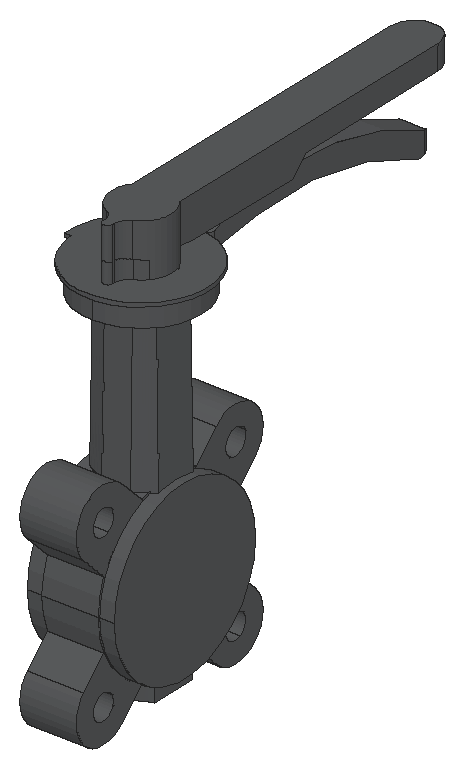
Revit family "VFH2-LH_DN50-150_RFA_1", category Pipe Accessories, Revit 2019
Family settings
  Round Connector Dimension = Use Diameter
  Part Type = Valve - Breaks Into
  OmniClass Number = 23.65.55.14.17
  OmniClass Title = Adjusting/Controlling Valves for Liquid Services
  Work Plane-Based = No
  Always vertical = Yes
  Cut with Voids When Loaded = No
  Shared = No
Parameters (values of type "VFH2-LH_DN50_003Z5400")
  w1 = 30.000 mm
  tb40 = 35.000 mm
  tb30 = 15.300 mm
  tb20 = 34.000 mm
  tb10 = 15.000 mm
  ta30 = 36.000 mm
  ta40 = 26.000 mm
  ta20 = 22.000 mm
  ta10 = 30.000 mm
  t1 = 46.600 mm
  r1 = D1 / 2 - 5.000 mm  # 42.000 mm
  ofy = 5.000 mm
  ofx = 2.000 mm
  n = 4
  hb = 13.000 mm
  h3 = 17.000 mm
  h2 = 12.000 mm
  h1 = 131.000 mm
  W1 = 63.000 mm
  W = 258.000 mm
  L1 = 36.000 mm
  L = 76.000 mm
  H2 = 62.000 mm
  H = 235.000 mm
  D4 = D1_2 * 1.01  # 47.470 mm
  d2 = 14.000 mm
  D3 = 65.000 mm
  d1 = 36.000 mm
  ang1 = 75.00°
  D2_2 = 62.500 mm
  D2_d1 = D2_2 * 2 + d1  # 161.000 mm
  D1_2 = D1 / 2  # 47.000 mm
  D1 = 94.000 mm
  bt1 = 9.000 mm
  b50 = 37.000 mm
  b40 = 34.400 mm
  b20 = 37.000 mm
  b30 = 15.000 mm
  b10 = 16.000 mm
  a50 = 33.500 mm
  a30 = 34.000 mm
  a20 = 23.000 mm
  a40 = 25.000 mm
  a10 = 33.500 mm
  Weight = 3.19 kg
  Valve Body Material = Danfoss Cast Iron
  URL = "https://store.danfoss.com/en/Climate-Solutions-for-heating/Hydronic-Balancing-and-Control/Other-products/Butterfly-Valves/c/12669?q=%3Arelevance%3Adanfoss_producttypehierarchydesc%3AVFH2-LH&text="
  Pressure Drop [instance] = 0.0 Pa
  Operating Torque = "15 Nm"
  Nominal Pressure = "PN 16"  # constant formula
  Model Type = "VFH2-LH_DN50"
  Model = "003Z5400"
  Min Medium Temperature = "-10 °C"  # constant formula
  Min Ambient Temperature = "-30 °C"  # constant formula
  Max Medium Temperature = "95 °C"  # constant formula
  Max Differential Pressure = "16 bar"  # constant formula
  Max Ambient Temperature = "60 °C"  # constant formula
  Manufacturer = "Danfoss"  # constant formula
  LOD 350 [instance] = not(LOD 200)  # yes
  LOD 200 [instance] = no
  Kvs = 82.0 m³/h
  IfcExportType = "VFH2-LH"  # constant formula
  IfcExportAs = "IfcValveType"  # constant formula
  Flow [instance] = 0.0 m³/h
  Description = "Butterfly Valve"  # constant formula
  D = 50.000 mm
  Handle_Type = handle : 32-80
  Connection = "Lug"  # constant formula
Types (6, lengths in mm): name | w1 | tb40 | tb30 | tb20 | tb10 | ta30 | ta40 | ta20 | ta10 | t1 | r1 | ofy | ofx | n | hb | h3 | h2 | h1 | W1 | W | L1 | L | H2 | H | D4 | d2 | D3 | d1 | ang1 | D2_2 | D2_d1 | D1_2 | D1 | bt1 | b50 | b40 | b20 | b30 | b10 | a50 | a30 | a20 | a40 | a10 | Weight | Operating Torque | Model Type | Model | Kvs | D | Handle_Type
  VFH2-LH_DN150_003Z5405 | 45.000 | 45.500 | 13.000 | 40.000 | 12.000 | 46.000 | 29.000 | 26.000 | 40.000 | 59.600 | 100.000 | 9.100 | 2.050 | 8 | 14.000 | 19.000 | 15.000 | 195.000 | 131.000 | 390.000 | 53.000 | 113.000 | 131.000 | 373.000 | 106.050 | 17.000 | 90.000 | 40.000 | 7.50° | 120.000 | 280.000 | 105.000 | 210.000 | 14.000 | 43.500 | 40.000 | 43.500 | 12.000 | 13.000 | 43.100 | 40.000 | 28.000 | 26.000 | 43.100 | 11.49 kg | "95 Nm" | "VFH2-LH_DN150" | "003Z5405" | 1348.0 m³/h | 150.000 | handle : 100-150
  VFH2-LH_DN125_003Z5404 | 42.000 | 48.000 | 13.000 | 40.000 | 12.000 | 48.000 | 31.000 | 26.000 | 40.000 | 59.600 | 89.500 | 11.400 | 2.050 | 8 | 11.500 | 19.000 | 15.000 | 182.000 | 115.000 | 375.000 | 53.000 | 113.000 | 115.000 | 345.000 | 95.445 | 14.000 | 90.000 | 36.000 | 7.50° | 105.000 | 246.000 | 94.500 | 189.000 | 14.000 | 43.500 | 40.000 | 43.500 | 12.000 | 13.000 | 43.100 | 40.000 | 28.000 | 26.000 | 43.100 | 9.99 kg | "68 Nm" | "VFH2-LH_DN125" | "003Z5404" | 874.0 m³/h | 125.000 | handle : 100-150
  VFH2-LH_DN100_003Z5403 | 36.000 | 43.000 | 13.000 | 34.000 | 11.600 | 43.500 | 32.000 | 26.000 | 34.000 | 55.600 | 73.500 | 7.750 | 2.050 | 8 | 16.500 | 17.000 | 13.000 | 168.000 | 102.000 | 362.000 | 53.000 | 113.000 | 102.000 | 315.000 | 79.285 | 14.000 | 90.000 | 36.000 | 7.50° | 90.000 | 216.000 | 78.500 | 157.000 | 11.000 | 37.200 | 34.000 | 37.200 | 12.000 | 12.600 | 37.000 | 34.000 | 28.000 | 26.000 | 37.000 | 7.73 kg | "46 Nm" | "VFH2-LH_DN100" | "003Z5403" | 569.0 m³/h | 100.000 | handle : 100-150
  VFH2-LH_DN80_003Z5402 | 35.000 | 36.500 | 13.000 | 34.000 | 11.400 | 36.000 | 21.000 | 20.000 | 34.000 | 49.600 | 58.000 | 5.000 | 2.000 | 8 | 14.000 | 17.000 | 12.000 | 150.000 | 92.000 | 287.000 | 36.000 | 76.000 | 92.000 | 285.000 | 63.630 | 14.000 | 65.000 | 36.000 | 7.50° | 80.000 | 196.000 | 63.000 | 126.000 | 9.000 | 37.200 | 34.000 | 37.200 | 13.000 | 12.900 | 37.000 | 32.000 | 22.000 | 20.000 | 37.000 | 6.25 kg | "29 Nm" | "VFH2-LH_DN80" | "003Z5402" | 288.0 m³/h | 80.000 | handle : 32-80
  VFH2-LH_DN65_003Z5401 | 30.000 | 35.000 | 15.300 | 34.000 | 15.000 | 36.000 | 26.000 | 21.000 | 32.000 | 49.600 | 48.500 | 5.000 | 2.000 | 4 | 18.000 | 17.000 | 12.000 | 143.000 | 70.000 | 265.000 | 36.000 | 76.000 | 70.000 | 255.000 | 54.035 | 14.000 | 65.000 | 36.000 | 75.00° | 72.500 | 181.000 | 53.500 | 107.000 | 9.000 | 37.000 | 34.400 | 37.000 | 15.000 | 16.000 | 35.000 | 34.000 | 23.000 | 25.000 | 35.000 | 4.00 kg | "23 Nm" | "VFH2-LH_DN65" | "003Z5401" | 207.0 m³/h | 65.000 | handle : 32-80
  VFH2-LH_DN50_003Z5400 | 30.000 | 35.000 | 15.300 | 34.000 | 15.000 | 36.000 | 26.000 | 22.000 | 30.000 | 46.600 | 42.000 | 5.000 | 2.000 | 4 | 13.000 | 17.000 | 12.000 | 131.000 | 63.000 | 258.000 | 36.000 | 76.000 | 62.000 | 235.000 | 47.470 | 14.000 | 65.000 | 36.000 | 75.00° | 62.500 | 161.000 | 47.000 | 94.000 | 9.000 | 37.000 | 34.400 | 37.000 | 15.000 | 16.000 | 33.500 | 34.000 | 23.000 | 25.000 | 33.500 | 3.19 kg | "15 Nm" | "VFH2-LH_DN50" | "003Z5400" | 82.0 m³/h | 50.000 | handle : 32-80
Reference planes
  plane 1 "Center (Front/Back)": y = 0
  plane 2: z = 0
  plane 3 "Center (Left/Right)": x = 0
  plane 4: z = 160
  plane 5 "01": z = 143
  plane 6: z = 131
  plane 7 "-01": z = -42
  plane 8: x = -23.3
  plane 9: x = 23.3
  plane 10: y = 4.5
  plane 11: y = -4.5
  plane 12: x = 4.5
  plane 13: x = -4.5
  plane 14 "00": z = 42
  plane 15: x = -18.5
  plane 16: x = -8
  plane 17: x = 18.5
  plane 18: x = 8
  plane 19: y = 16.75
  plane 20: y = -16.75
  plane 21: y = 11.5
  plane 22: y = -11.5
  plane 23: x = -7.5
  plane 24: x = 7.5
  plane 25: x = -17
  plane 26: x = 17
  plane 27: y = -15
  plane 28: y = 15
  plane 29: y = -11
  plane 30: y = 11
  plane 31 "-02": z = -55
  plane 32: x = -17.2
  plane 33: x = -7.5
  plane 34: x = 17.2
  plane 35: x = 7.5
  plane 36: y = -17
  plane 37: y = -12.5
  plane 38: y = 17
  plane 39: y = 12.5
  plane 40: x = -7.65
  plane 41: x = -17.5
  plane 42: x = 7.65
  plane 43: x = 17.5
  plane 44: y = 13
  plane 45: y = 18
  plane 46: y = -13
  plane 47: y = -18
  plane 48: x = 15
  plane 49: x = -15
  plane 50: z = 173
  plane 51: z = -62
  plane 52: y = -63
  plane 53: y = 195
  plane 54: x = 36
  plane 55: x = -40
Forms (mm)
  Extrusion 1, solid, material "Danfoss Cast Iron" <- "Valve Body Material", detail levels fine
    sketch origin (0, 0, 0) x (0, 1, 0) y (0, 0, 1)
      loop
        circle (0, 0) r 47
    from -23.3 to 23.3
  Extrusion 2, solid, material "Danfoss Cast Iron" <- "Valve Body Material", detail levels fine
    sketch origin (0, 0, 143) x (0, 1, 0) y (-1, 0, 0)
      loop
        circle (0, 0) r 32.5
    from -12 to 0
  Extrusion 3, solid, material "Danfoss Cast Iron" <- "Valve Body Material", detail levels fine
    sketch origin (0, 0, 143) x (0, 1, 0) y (-1, 0, 0)
      loop
        line (4.5, 4.5) -> (-4.5, 4.5) -> (-4.5, -4.5) -> (4.5, -4.5) -> (4.5, 4.5)
    from 0 to 17
  Blend 4, solid, material "Danfoss Cast Iron" <- "Valve Body Material", visible <- "LOD 350", detail levels fine
    base sketch origin (0, 0, 42) x (0, 1, 0) y (-1, 0, 0)
      loop
        line (11.5, 18.5) -> (-11.5, 18.5) -> (-16.75, 8) -> (-16.75, -8) -> (-11.5, -18.5) -> (11.5, -18.5) -> (16.75, -8) -> (16.75, 8) -> (11.5, 18.5)
    top sketch origin (0, 0, 42) x (0, 1, 0) y (-1, 0, 0)
      loop
        line (11, 17) -> (-11, 17) -> (-15, 7.5) -> (-15, -7.5) -> (-11, -17) -> (11, -17) -> (15, -7.5) -> (15, 7.5) -> (11, 17)
    from 0 to 89
  Blend 5, solid, material "Danfoss Cast Iron" <- "Valve Body Material", visible <- "LOD 350", detail levels fine
    base sketch origin (0, 0, -55) x (0, 1, 0) y (-1, 0, 0)
      loop
        line (17, 7.5) -> (12.5, 17.2) -> (-12.5, 17.2) -> (-17, 7.5) -> (-17, -7.5) -> (-12.5, -17.2) -> (12.5, -17.2) -> (17, -7.5) -> (17, 7.5)
    top sketch origin (0, 0, -55) x (0, 1, 0) y (-1, 0, 0)
      loop
        line (18, 7.65) -> (13, 17.5) -> (-13, 17.5) -> (-18, 7.65) -> (-18, -7.65) -> (-13, -17.5) -> (13, -17.5) -> (18, -7.65) -> (18, 7.65)
    from 0 to 13
  Sweep 6, void
    path in 3D
      loop
        arc (-18.25, -37, 0) -> (-18.25, 0, -37) -> (-18.25, 37, 0) r 37
        arc (-18.25, 37, 0) -> (-18.25, 0, 37) -> (-18.25, -37, 0) r 37
    profile origin (-18.25, 0, 37) x (0, 0, 1) y (-1, 0, 0)
      loop
        line (0, 0) -> (-5, 0) -> (-5, -2) -> (0, -2) -> (0, 0)
  Sweep 7, void
    path in 3D
      loop
        arc (18.25, 37, 0) -> (18.25, 0, -37) -> (18.25, -37, 0) r 37
        arc (18.25, -37, 0) -> (18.25, 0, 37) -> (18.25, 37, 0) r 37
    profile origin (18.25, 0, 37) x (0, 0, 1) y (1, 0, 0)
      loop
        line (0, 0) -> (-5, 0) -> (-5, -2) -> (0, -2) -> (0, 0)
  Extrusion 8, solid, material "Danfoss Cast Iron" <- "Valve Body Material", visible <- "LOD 200", detail levels fine
    sketch origin (0, 0, 42) x (0, 1, 0) y (-1, 0, 0)
      loop
        line (16.75, 18.5) -> (-16.75, 18.5) -> (-16.75, -18.5) -> (16.75, -18.5) -> (16.75, 18.5)
    from 0 to 89
  Extrusion 9, solid, material "Danfoss Cast Iron" <- "Valve Body Material", detail levels fine
    sketch origin (0, 0, 0) x (0, 1, 0) y (0, 0, 1)
      loop
        circle (0, 0) r 47.47
    from -15 to 15
  Extrusion 10, solid, material "Danfoss Cast Iron" <- "Valve Body Material", visible <- "LOD 200", detail levels fine
    sketch origin (0, 0, 0) x (0, 1, 0) y (0, 0, 1)
      loop
        circle (0, 0) r 80.5
    from -15 to 15
Cuts and joins
  Sweep 6, Sweep 7 cuts Blend 5
  Sweep 6, Sweep 7 cuts Extrusion 1
  Sweep 6, Sweep 7 cuts Blend 4
Lines and regions (mm)
  sketch lines
    curve 1: arc (-18.25, 37, 0) -> (-18.25, 0, 37) -> (-18.25, -37, 0) r 37
    curve 2: arc (-18.25, -37, 0) -> (-18.25, 0, -37) -> (-18.25, 37, 0) r 37
    curve 3: arc (18.25, -37, 0) -> (18.25, 0, 37) -> (18.25, 37, 0) r 37
    curve 4: arc (18.25, 37, 0) -> (18.25, 0, -37) -> (18.25, -37, 0) r 37
  reference lines
    curve 5: line (-23.3, 0, 0) -> (23.3, 0, 0)
Dimensions and locks
  "r1": level to plane 7 "-01"
  "h1": plane 6 to level
  "h2": plane 5 "01" to plane 6
  "h3": plane 4 to plane 5 "01"
  equal spacing: plane 8, plane 3 "Center (Left/Right)", plane 9
  "t1": plane 8 to plane 9
  equal spacing: plane 13, plane 3 "Center (Left/Right)", plane 12
  equal spacing: plane 10, plane 1 "Center (Front/Back)", plane 11
  "bt1": plane 10 to plane 11
  "bt1": plane 13 to plane 12
  "r1": plane 14 "00" to level
  equal spacing: plane 16, plane 3 "Center (Left/Right)", plane 18
  equal spacing: plane 15, plane 3 "Center (Left/Right)", plane 17
  "b10": plane 16 to plane 18
  "b20": plane 15 to plane 17
  equal spacing: plane 20, plane 1 "Center (Front/Back)", plane 19
  equal spacing: plane 21, plane 1 "Center (Front/Back)", plane 22
  "a10": plane 20 to plane 19
  "a20": plane 22 to plane 21
  equal spacing: plane 25, plane 3 "Center (Left/Right)", plane 26
  equal spacing: plane 23, plane 3 "Center (Left/Right)", plane 24
  "tb10": plane 23 to plane 24
  "tb20": plane 25 to plane 26
  equal spacing: plane 30, plane 1 "Center (Front/Back)", plane 29
  equal spacing: plane 27, plane 1 "Center (Front/Back)", plane 28
  "ta20": plane 30 to plane 29
  "ta10": plane 28 to plane 27
  "hb": plane 7 "-01" to plane 31 "-02"
  equal spacing: plane 33, plane 3 "Center (Left/Right)", plane 35
  equal spacing: plane 32, plane 3 "Center (Left/Right)", plane 34
  equal spacing: plane 37, plane 1 "Center (Front/Back)", plane 39
  equal spacing: plane 36, plane 1 "Center (Front/Back)", plane 38
  "a30": plane 36 to plane 38
  "a40": plane 37 to plane 39
  "b30": plane 33 to plane 35
  "b40": plane 32 to plane 34
  equal spacing: plane 47, plane 1 "Center (Front/Back)", plane 45
  equal spacing: plane 46, plane 1 "Center (Front/Back)", plane 44
  equal spacing: plane 41, plane 3 "Center (Left/Right)", plane 43
  equal spacing: plane 40, plane 3 "Center (Left/Right)", plane 42
  "ta30": plane 47 to plane 45
  "ta40": plane 46 to plane 44
  "tb30": plane 40 to plane 42
  "tb40": plane 41 to plane 43
  "ofx": profile plane to Sweep 6 sketch curve
  "ofy": profile plane to Sweep 6 sketch curve
  "ofx": profile plane to Sweep 7 sketch curve
  "ofy": profile plane to Sweep 7 sketch curve
  equal spacing: Extrusion 8 sketch curve, plane 3 "Center (Left/Right)", Extrusion 8 sketch curve
  "b50": Extrusion 8 sketch curve to Extrusion 8 sketch curve
  equal spacing: Extrusion 8 sketch curve, plane 1 "Center (Front/Back)", Extrusion 8 sketch curve
  "a50": Extrusion 8 sketch curve to Extrusion 8 sketch curve
  "w1": plane 48 to plane 49
  equal spacing: plane 48, plane 3 "Center (Left/Right)", plane 49
  "H": plane 50 to plane 51
  "H2": plane 2 to plane 51
  "W": plane 52 to plane 53
  "L1": plane 54 to plane 3 "Center (Left/Right)"
  "L": plane 54 to plane 55
  "W1": plane 52 to plane 1 "Center (Front/Back)"
  "D1": diameter of Extrusion 1 sketch curve
  "D3": diameter of Extrusion 2 sketch curve
  "D4": radius of Extrusion 9 sketch curve
  "D2_d1": diameter of Extrusion 10 sketch curve
  angle radial array to radial array = 0.00°
  aligned and locked: plane 2 to level
  aligned and locked: Extrusion 1 to plane 8
  aligned and locked: plane 9 to Extrusion 1
  aligned and locked: Extrusion 2 to plane 6
  aligned and locked: plane 5 "01" to Extrusion 2
  aligned and locked: Extrusion 3 sketch curve to plane 10
  aligned and locked: Extrusion 3 sketch curve to plane 13
  aligned and locked: plane 11 to Extrusion 3 sketch curve
  aligned and locked: Extrusion 3 sketch curve to plane 12
  aligned and locked: plane 4 to Extrusion 3
  aligned and locked: Extrusion 3 to plane 5 "01"
  aligned and locked: Blend 4 sketch curve to plane 19
  aligned and locked: plane 18 to Blend 4 sketch curve  (x2)
  aligned and locked: plane 16 to Blend 4 sketch curve  (x2)
  aligned and locked: plane 21 to Blend 4 sketch curve  (x2)
  aligned and locked: plane 25 to Blend 4 sketch curve
  aligned and locked: plane 23 to Blend 4 sketch curve  (x2)
  aligned and locked: plane 30 to Blend 4 sketch curve  (x2)
  aligned and locked: Blend 4 sketch curve to plane 28
  aligned and locked: plane 24 to Blend 4 sketch curve  (x2)
  aligned and locked: Blend 4 sketch curve to plane 26
  aligned and locked: plane 29 to Blend 4 sketch curve  (x2)
  aligned and locked: plane 27 to Blend 4 sketch curve
  aligned and locked: plane 6 to Blend 4
  aligned and locked: plane 32 to Blend 5 sketch curve
  aligned and locked: plane 34 to Blend 5 sketch curve
  aligned and locked: plane 38 to Blend 5 sketch curve
  aligned and locked: plane 36 to Blend 5 sketch curve
  aligned and locked: plane 33 to Blend 5 sketch curve  (x2)
  aligned and locked: plane 35 to Blend 5 sketch curve  (x2)
  aligned and locked: plane 39 to Blend 5 sketch curve  (x2)
  aligned and locked: plane 37 to Blend 5 sketch curve  (x2)
  aligned and locked: plane 45 to Blend 5 sketch curve
  aligned and locked: plane 47 to Blend 5 sketch curve
  aligned and locked: plane 41 to Blend 5 sketch curve
  aligned and locked: plane 43 to Blend 5 sketch curve
  aligned and locked: plane 42 to Blend 5 sketch curve  (x2)
  aligned and locked: plane 44 to Blend 5 sketch curve  (x2)
  aligned and locked: plane 46 to Blend 5 sketch curve  (x2)
  aligned and locked: plane 40 to Blend 5 sketch curve  (x2)
  aligned and locked: plane 7 "-01" to Blend 5
  aligned and locked: Blend 4 sketch curve to plane 17
  aligned and locked: plane 15 to Blend 4 sketch curve  (x2)
  aligned and locked: plane 22 to Blend 4 sketch curve  (x2)
  aligned and locked: plane 20 to Blend 4 sketch curve  (x2)
  aligned and locked: profile plane to Sweep 6 sketch curve
  aligned and locked: profile plane to Sweep 7 sketch curve
  aligned and locked: plane 8 to curve 5
  aligned and locked: plane 9 to curve 5
  aligned and locked: plane 1 "Center (Front/Back)" to curve 5
  aligned and locked: plane 3 "Center (Left/Right)" to nested 1
  aligned and locked: plane 1 "Center (Front/Back)" to nested 1
  aligned and locked: curve 5 to level
  aligned and locked: plane 6 to Extrusion 8
  aligned and locked: Extrusion 8 to plane 14 "00"
  aligned and locked: plane 3 "Center (Left/Right)" to nested 2
  aligned and locked: nested 2 to plane 1 "Center (Front/Back)"
  aligned and locked: plane 3 "Center (Left/Right)" to nested 3
  aligned and locked: Extrusion 9 to plane 49
  aligned and locked: plane 48 to Extrusion 9
  aligned and locked: Extrusion 10 to plane 49
  aligned and locked: plane 48 to Extrusion 10
Automatic sketch dimensions
  Extrusion 1 sketch curve to level = 0.000 mm
  Extrusion 1 sketch curve to plane 1 "Center (Front/Back)" = 0.000 mm
  plane 1 "Center (Front/Back)" to Extrusion 2 sketch curve = 0.000 mm
  Extrusion 2 sketch curve to plane 3 "Center (Left/Right)" = 0.000 mm
  profile plane to Sweep 6 sketch curve = 0.000 mm
  Sweep 7 sketch curve to profile plane = 0.000 mm
  Extrusion 9 sketch curve to level = 0.000 mm
  Extrusion 9 sketch curve to plane 1 "Center (Front/Back)" = 0.000 mm
  Extrusion 10 sketch curve to level = 0.000 mm
  Extrusion 10 sketch curve to plane 1 "Center (Front/Back)" = 0.000 mm
Nested families
  nested 1: "Schematic" at (0, 0, 4), a <- "t1", type "Schematic"
    with r 4.660 mm, d 9.320 mm, a1 5.825 mm, a 46.600 mm, M no
  nested 2: "handle" at (0, 0, 143) x (0, 1, 0) z (0, 0, 1), LOD 200 <- "LOD 200", type <- "Handle_Type", Material <- "Valve Body Material", type "32-80"
    with small350 yes, small200 no, big350 no, big200 no, Material Danfoss Cast Iron, LOD 350 yes, LOD 200 no
  nested 3: "Lugs2" at (0, 0, 0) x (1, 0, 0) z (0, -0.866, -0.5), Valve Body Material <- "Valve Body Material", D1_2 <- "D1_2", D2_2 <- "D2_2", ang1 <- "ang1", d1 <- "d1", d2 <- "d2", w1 <- "w1", visible <- "LOD 350", type "Standard", detail levels fine
    with w1 30.000 mm, d2 14.000 mm, d1 36.000 mm, ang1 75.00°, Valve Body Material Danfoss Cast Iron, D2_2 62.500 mm, D1_2-20 27.000 mm, D1_2 47.000 mm
  nested 4: "Lugs2" at (0, 0, 0) x (1, 0, 0) z (0, -0.5, 0.866), Valve Body Material <- "Valve Body Material", D1_2 <- "D1_2", D2_2 <- "D2_2", ang1 <- "ang1", d1 <- "d1", d2 <- "d2", w1 <- "w1", visible <- "LOD 350", type "Standard", detail levels fine
    with w1 30.000 mm, d2 14.000 mm, d1 36.000 mm, ang1 75.00°, Valve Body Material Danfoss Cast Iron, D2_2 62.500 mm, D1_2-20 27.000 mm, D1_2 47.000 mm
  nested 5: "Lugs2" at (0, 0, 0) x (1, 0, 0) z (0, 0.866, 0.5), Valve Body Material <- "Valve Body Material", D1_2 <- "D1_2", D2_2 <- "D2_2", ang1 <- "ang1", d1 <- "d1", d2 <- "d2", w1 <- "w1", visible <- "LOD 350", type "Standard", detail levels fine
    with w1 30.000 mm, d2 14.000 mm, d1 36.000 mm, ang1 75.00°, Valve Body Material Danfoss Cast Iron, D2_2 62.500 mm, D1_2-20 27.000 mm, D1_2 47.000 mm
  nested 6: "Lugs2" at (0, 0, 0) x (1, 0, 0) z (0, 0.5, -0.866), Valve Body Material <- "Valve Body Material", D1_2 <- "D1_2", D2_2 <- "D2_2", ang1 <- "ang1", d1 <- "d1", d2 <- "d2", w1 <- "w1", visible <- "LOD 350", type "Standard", detail levels fine
    with w1 30.000 mm, d2 14.000 mm, d1 36.000 mm, ang1 75.00°, Valve Body Material Danfoss Cast Iron, D2_2 62.500 mm, D1_2-20 27.000 mm, D1_2 47.000 mm
Connectors
  piping at (23.3, 0, 0), diameter 50, driven by "Flow", driven by "Pressure Drop", driven by "D"
    settings: on curve 5, index 1, connector inside diameter 609.6 mm, connector length 0.000 mm, flow factor 0, pipe flow 0.0 m³/h, pressure drop 0.0 Pa, fitting loss kfactor 0, connector angle 0.00°, fixture units 0, engagement length 0.000 mm, angle of deflection 0.00°, flow configuration 0, flow direction 0, fitting loss method 0, system type 29, joint type 0, gender type 0, connector reference index 2, connector utility 0, adjustable connector no, is connector primary no, connector description ""
  piping at (-23.3, 0, 0), diameter 50, driven by "Flow", driven by "Pressure Drop", driven by "D"
    settings: on curve 5, index 2, connector inside diameter 609.6 mm, connector length 0.000 mm, flow factor 0, pipe flow 0.0 m³/h, pressure drop 0.0 Pa, fitting loss kfactor 0, connector angle 0.00°, fixture units 0, engagement length 0.000 mm, angle of deflection 0.00°, flow configuration 0, flow direction 0, fitting loss method 0, system type 29, joint type 0, gender type 0, connector reference index 1, connector utility 0, adjustable connector no, is connector primary yes, connector description ""
Definition of nested family "handle"
  Parameters (values of type "100-150")
    small350 [instance] = and([32-80], LOD 350)  # no
    small200 [instance] = and([32-80], LOD 200)  # no
    big350 [instance] = and([100-150], LOD 350)  # no
    big200 [instance] = and([100-150], LOD 200)  # yes
    Material [instance] = none
    LOD 350 [instance] = not(LOD 200)  # no
    LOD 200 [instance] = yes
    Default Elevation = 1219.200 mm
    32-80 = not([100-150])  # no
    100-150 = yes
  Types (2, lengths in mm): name | small200 | big200 | 32-80 | 100-150
    32-80 | yes | no | yes | no
    100-150 | no | yes | no | yes
  Reference planes
    plane 1 "Center (Front/Back)": y = 0
    plane 2: z = 0
    plane 3 "Center (Left/Right)": x = 0
    plane 4: z = 30
    plane 5: y = 12.5
    plane 6: y = -12.5
    plane 7: x = 16
    plane 8: x = -16
  Forms (mm)
    Extrusion 1, solid, material <- "Material", visible <- "small350", detail levels fine
      sketch origin (0, 0, 0) x (1, 0, 0) y (0, 1, 0)
        loop
          line (182.5, 12.5) -> (9.987, 12.5)
          arc (9.987, 12.5) -> (-3.522, 15.608) -> (-14.387, 7) r 16
          arc (-14.387, 7) -> (-17.339, 3.718) -> (-21.581, 2.5) r 8
          line (-21.581, 2.5) -> (-22.5, 2.5)
          arc (-22.5, 2.5) -> (-25, 0) -> (-22.5, -2.5) r 2.5
          line (-22.5, -2.5) -> (-21.581, -2.5)
          arc (-21.581, -2.5) -> (-17.339, -3.718) -> (-14.387, -7) r 8
          arc (-14.387, -7) -> (-3.522, -15.608) -> (9.987, -12.5) r 16
          line (9.987, -12.5) -> (182.5, -12.5)
          arc (182.5, -12.5) -> (195, 0) -> (182.5, 12.5) r 12.5
      from 0 to 30
    Extrusion 2, solid, material <- "Material", visible <- "small350", detail levels fine
      sketch origin (0, 0, 0) x (1, 0, 0) y (0, 1, 0)
        loop
          line (180.5, 7) -> (40, 7)
          arc (40, 7) -> (38.586, 6.414) -> (38, 5) r 2
          line (38, 5) -> (38, -5)
          arc (38, -5) -> (38.586, -6.414) -> (40, -7) r 2
          line (40, -7) -> (180.5, -7)
          arc (180.5, -7) -> (181.914, -6.414) -> (182.5, -5) r 2
          line (182.5, -5) -> (182.5, 5)
          arc (182.5, 5) -> (181.914, 6.414) -> (180.5, 7) r 2
      from -29.973 to 13.237
    Extrusion 3, void
      sketch origin (0, 0, 0) x (1, 0, 0) y (0, 0, 1)
        loop
          line (94, 17) -> (85, 8) -> (19.029, 8) -> (-31, 13.258) -> (-31, 0) -> (195, 0) -> (195, 17) -> (94, 17)
      from -12.5 to 12.5
    Extrusion 4, void
      sketch origin (0, 0, 0) x (1, 0, 0) y (0, 0, 1)
        loop
          arc (175.159, -23.817) -> (124.058, -5.913) -> (69.948, -3.934) r 180.905
          line (69.948, -3.934) -> (38, -7.582) -> (38, -29.973) -> (182.5, -29.973) -> (182.5, -19.398)
          arc (182.5, -19.398) -> (180.078, -23.682) -> (175.159, -23.817) r 5
        loop
          line (38, 0.418) -> (58.224, 7.534)
          arc (58.224, 7.534) -> (122.076, 7.639) -> (182.5, -13) r 193.905
          line (182.5, -13) -> (182.5, 13.237) -> (38, 13.237) -> (38, 0.418)
      from -12.5 to 12.5
    Extrusion 5, solid, material <- "Material", visible <- "small350", detail levels fine
      sketch origin (0, 0, 0) x (1, 0, 0) y (0, 1, 0)
        loop
          arc (8.844, -13.333) -> (10.538, 12.04) -> (-14.387, 7) r 16
          arc (-14.387, 7) -> (-17.339, 3.718) -> (-21.581, 2.5) r 8
          line (-21.581, 2.5) -> (-22.5, 2.5)
          arc (-22.5, 2.5) -> (-25, 0) -> (-22.5, -2.5) r 2.5
          line (-22.5, -2.5) -> (-21.581, -2.5)
          arc (-21.581, -2.5) -> (-17.339, -3.718) -> (-14.387, -7) r 8
          arc (-14.387, -7) -> (-4.208, -15.437) -> (8.844, -13.333) r 16
      from 0 to 30
    Extrusion 6, solid, material <- "Material", visible <- "small350", detail levels fine
      sketch origin (0, 0, 0) x (1, 0, 0) y (0, 1, 0)
        loop
          arc (40, 0) -> (27.926, 28.638) -> (-1.006, 39.987) r 40
          line (-1.006, 39.987) -> (-2.005, 35.944)
          arc (-2.005, 35.944) -> (-24.737, -26.155) -> (36, 0) r 36
          line (36, 0) -> (40, 0)
      from 0 to 2
    Extrusion 7, solid, material <- "Material", visible <- "big350", detail levels fine
      sketch origin (-500, 0, 0) x (1, 0, 0) y (0, 1, 0)
        loop
          arc (560, 0) -> (541.889, 42.957) -> (498.491, 59.981) r 60
          line (498.491, 59.981) -> (495.663, 52.321)
          arc (495.663, 52.321) -> (464.443, -38.626) -> (552.5, 0) r 52.5
          line (552.5, 0) -> (560, 0)
      from 0 to 2
    Extrusion 8, solid, material <- "Material", visible <- "big350", detail levels fine
      sketch origin (-500, 0, 0) x (1, 0, 0) y (0, 1, 0)
        loop
          arc (509.487, 13.5) -> (495.977, 16.002) -> (485.257, 7.408) r 16.5
          arc (485.257, 7.408) -> (482.307, 4.19) -> (478.107, 3) r 8
          arc (478.107, 3) -> (475, 0.054) -> (478, -3) r 3
          arc (478, -3) -> (482.261, -4.162) -> (485.257, -7.408) r 8
          arc (485.257, -7.408) -> (495.977, -16.002) -> (509.487, -13.5) r 16.5
          line (509.487, -13.5) -> (746.5, -13.5)
          arc (746.5, -13.5) -> (760, 0) -> (746.5, 13.5) r 13.5
          line (746.5, 13.5) -> (509.487, 13.5)
      from 0 to 32
    Extrusion 9, void
      sketch origin (-500, 0, 0) x (1, 0, 0) y (0, 0, 1)
        loop
          line (745, 22) -> (730, 17) -> (637, 17) -> (628, 8) -> (495.495, 8) -> (478, 14.368) -> (473, 14.368) -> (473, 0) -> (762, 0) -> (762, 22) -> (745, 22)
      from -18.327 to 22.5
    Extrusion 10, solid, material <- "Material", visible <- "big350", detail levels fine
      sketch origin (0, 0, 0) x (1, 0, 0) y (0, 1, 0)
        loop
          arc (16.5, 0) -> (3.807, 16.055) -> (-14.743, 7.408) r 16.5
          arc (-14.743, 7.408) -> (-17.693, 4.191) -> (-21.892, 3) r 8
          arc (-21.892, 3) -> (-25, 0.054) -> (-22, -3) r 3
          arc (-22, -3) -> (-17.739, -4.162) -> (-14.743, -7.408) r 8
          arc (-14.743, -7.408) -> (3.807, -16.055) -> (16.5, 0) r 16.5
      from 0 to 32
    Extrusion 11, solid, material <- "Material", visible <- "big350", detail levels fine
      sketch origin (-500, 0, 0) x (1, 0, 0) y (0, 1, 0)
        loop
          arc (568.881, 8) -> (567.171, 7.698) -> (565.667, 6.83) r 5
          line (565.667, 6.83) -> (560.625, 2.599)
          arc (560.625, 2.599) -> (560.098, 1.913) -> (559.911, 1.067) r 2
          line (559.911, 1.067) -> (559.911, -1.067)
          arc (559.911, -1.067) -> (560.098, -1.913) -> (560.625, -2.599) r 2
          line (560.625, -2.599) -> (565.667, -6.83)
          arc (565.667, -6.83) -> (567.171, -7.698) -> (568.881, -8) r 5
          line (568.881, -8) -> (738, -8)
          arc (738, -8) -> (739.414, -7.414) -> (740, -6) r 2
          line (740, -6) -> (740, 6)
          arc (740, 6) -> (739.414, 7.414) -> (738, 8) r 2
          line (738, 8) -> (568.881, 8)
      from -27.921 to 20.629
    Extrusion 12, void
      sketch origin (-500, 0, 0) x (1, 0, 0) y (0, 0, 1)
        loop
          arc (624.052, -2.667) -> (591.71, -4.907) -> (559.911, -11.214) r 256.163
          line (559.911, -11.214) -> (559.911, -27.921) -> (740, -27.921) -> (740, -20.239)
          arc (740, -20.239) -> (738.162, -24.112) -> (733.999, -25.138) r 5
          line (733.999, -25.138) -> (624.052, -2.667)
        loop
          line (740, -13) -> (740, 20.629) -> (559.911, 20.629) -> (559.911, 4.274)
          arc (559.911, 4.274) -> (592.482, 10.314) -> (625.548, 12.338) r 271.163
          line (625.548, 12.338) -> (705, -3.901) -> (730, -13) -> (740, -13)
      from -8 to 8
    Extrusion 13, solid, material <- "Material", visible <- "big350", not visible, detail levels fine
      sketch origin (0, 0, 0) x (1, 0, 0) y (0, 1, 0)
        loop
          arc (560, 0) -> (541.889, 42.957) -> (498.491, 59.981) r 60
          line (498.491, 59.981) -> (495.663, 52.321)
          arc (495.663, 52.321) -> (464.443, -38.626) -> (552.5, 0) r 52.5
          line (552.5, 0) -> (560, 0)
      from 0 to 2
    Extrusion 14, solid, material <- "Material", visible <- "big350", not visible, detail levels fine
      sketch origin (0, 0, 0) x (1, 0, 0) y (0, 1, 0)
        loop
          arc (509.487, 13.5) -> (495.977, 16.002) -> (485.257, 7.408) r 16.5
          arc (485.257, 7.408) -> (482.307, 4.19) -> (478.107, 3) r 8
          arc (478.107, 3) -> (475, 0.054) -> (478, -3) r 3
          arc (478, -3) -> (482.261, -4.162) -> (485.257, -7.408) r 8
          arc (485.257, -7.408) -> (495.977, -16.002) -> (509.487, -13.5) r 16.5
          line (509.487, -13.5) -> (746.5, -13.5)
          arc (746.5, -13.5) -> (760, 0) -> (746.5, 13.5) r 13.5
          line (746.5, 13.5) -> (509.487, 13.5)
      from 0 to 32
    Extrusion 15, void, not visible
      sketch origin (0, 0, 0) x (1, 0, 0) y (0, 0, 1)
        loop
          line (745, 22) -> (730, 17) -> (637, 17) -> (628, 8) -> (495.495, 8) -> (478, 14.368) -> (473, 14.368) -> (473, 0) -> (762, 0) -> (762, 22) -> (745, 22)
      from -18.327 to 22.5
    Extrusion 16, solid, material <- "Material", visible <- "big350", not visible, detail levels fine
      sketch origin (500, 0, 0) x (1, 0, 0) y (0, 1, 0)
        loop
          arc (16.5, 0) -> (3.807, 16.055) -> (-14.743, 7.408) r 16.5
          arc (-14.743, 7.408) -> (-17.693, 4.191) -> (-21.892, 3) r 8
          arc (-21.892, 3) -> (-25, 0.054) -> (-22, -3) r 3
          arc (-22, -3) -> (-17.739, -4.162) -> (-14.743, -7.408) r 8
          arc (-14.743, -7.408) -> (3.807, -16.055) -> (16.5, 0) r 16.5
      from 0 to 32
    Extrusion 17, solid, material <- "Material", visible <- "big350", not visible, detail levels fine
      sketch origin (0, 0, 0) x (1, 0, 0) y (0, 1, 0)
        loop
          arc (568.881, 8) -> (567.171, 7.698) -> (565.667, 6.83) r 5
          line (565.667, 6.83) -> (560.625, 2.599)
          arc (560.625, 2.599) -> (560.098, 1.913) -> (559.911, 1.067) r 2
          line (559.911, 1.067) -> (559.911, -1.067)
          arc (559.911, -1.067) -> (560.098, -1.913) -> (560.625, -2.599) r 2
          line (560.625, -2.599) -> (565.667, -6.83)
          arc (565.667, -6.83) -> (567.171, -7.698) -> (568.881, -8) r 5
          line (568.881, -8) -> (738, -8)
          arc (738, -8) -> (739.414, -7.414) -> (740, -6) r 2
          line (740, -6) -> (740, 6)
          arc (740, 6) -> (739.414, 7.414) -> (738, 8) r 2
          line (738, 8) -> (568.881, 8)
      from -27.921 to 20.629
    Extrusion 18, void, not visible
      sketch origin (0, 0, 0) x (1, 0, 0) y (0, 0, 1)
        loop
          arc (624.052, -2.667) -> (591.71, -4.907) -> (559.911, -11.214) r 256.163
          line (559.911, -11.214) -> (559.911, -27.921) -> (740, -27.921) -> (740, -20.239)
          arc (740, -20.239) -> (738.162, -24.112) -> (733.999, -25.138) r 5
          line (733.999, -25.138) -> (624.052, -2.667)
        loop
          line (740, -13) -> (740, 20.629) -> (559.911, 20.629) -> (559.911, 4.274)
          arc (559.911, 4.274) -> (592.482, 10.314) -> (625.548, 12.338) r 271.163
          line (625.548, 12.338) -> (705, -3.901) -> (730, -13) -> (740, -13)
      from -8 to 8
    Extrusion 19, solid, material <- "Material", visible <- "small350", not visible, detail levels fine
      sketch origin (0, 0, 0) x (1, 0, 0) y (0, 1, 0)
        loop
          line (182.5, 12.5) -> (9.987, 12.5)
          arc (9.987, 12.5) -> (-3.522, 15.608) -> (-14.387, 7) r 16
          arc (-14.387, 7) -> (-17.339, 3.718) -> (-21.581, 2.5) r 8
          line (-21.581, 2.5) -> (-22.5, 2.5)
          arc (-22.5, 2.5) -> (-25, 0) -> (-22.5, -2.5) r 2.5
          line (-22.5, -2.5) -> (-21.581, -2.5)
          arc (-21.581, -2.5) -> (-17.339, -3.718) -> (-14.387, -7) r 8
          arc (-14.387, -7) -> (-3.522, -15.608) -> (9.987, -12.5) r 16
          line (9.987, -12.5) -> (182.5, -12.5)
          arc (182.5, -12.5) -> (195, 0) -> (182.5, 12.5) r 12.5
      from 0 to 30
    Extrusion 20, solid, material <- "Material", visible <- "small350", not visible, detail levels fine
      sketch origin (0, 0, 0) x (1, 0, 0) y (0, 1, 0)
        loop
          line (180.5, 7) -> (40, 7)
          arc (40, 7) -> (38.586, 6.414) -> (38, 5) r 2
          line (38, 5) -> (38, -5)
          arc (38, -5) -> (38.586, -6.414) -> (40, -7) r 2
          line (40, -7) -> (180.5, -7)
          arc (180.5, -7) -> (181.914, -6.414) -> (182.5, -5) r 2
          line (182.5, -5) -> (182.5, 5)
          arc (182.5, 5) -> (181.914, 6.414) -> (180.5, 7) r 2
      from -29.973 to 13.237
    Extrusion 21, void, not visible
      sketch origin (0, 0, 0) x (1, 0, 0) y (0, 0, 1)
        loop
          line (94, 17) -> (85, 8) -> (19.029, 8) -> (-31, 13.258) -> (-31, 0) -> (195, 0) -> (195, 17) -> (94, 17)
      from -12.5 to 12.5
    Extrusion 22, void, not visible
      sketch origin (0, 0, 0) x (1, 0, 0) y (0, 0, 1)
        loop
          arc (175.159, -23.817) -> (124.058, -5.913) -> (69.948, -3.934) r 180.905
          line (69.948, -3.934) -> (38, -7.582) -> (38, -29.973) -> (182.5, -29.973) -> (182.5, -19.398)
          arc (182.5, -19.398) -> (180.078, -23.682) -> (175.159, -23.817) r 5
        loop
          line (38, 0.418) -> (58.224, 7.534)
          arc (58.224, 7.534) -> (122.076, 7.639) -> (182.5, -13) r 193.905
          line (182.5, -13) -> (182.5, 13.237) -> (38, 13.237) -> (38, 0.418)
      from -12.5 to 12.5
    Extrusion 23, solid, material <- "Material", visible <- "small350", not visible, detail levels fine
      sketch origin (0, 0, 0) x (1, 0, 0) y (0, 1, 0)
        loop
          arc (8.844, -13.333) -> (10.538, 12.04) -> (-14.387, 7) r 16
          arc (-14.387, 7) -> (-17.339, 3.718) -> (-21.581, 2.5) r 8
          line (-21.581, 2.5) -> (-22.5, 2.5)
          arc (-22.5, 2.5) -> (-25, 0) -> (-22.5, -2.5) r 2.5
          line (-22.5, -2.5) -> (-21.581, -2.5)
          arc (-21.581, -2.5) -> (-17.339, -3.718) -> (-14.387, -7) r 8
          arc (-14.387, -7) -> (-4.208, -15.437) -> (8.844, -13.333) r 16
      from 0 to 30
    Extrusion 24, solid, material <- "Material", visible <- "small350", not visible, detail levels fine
      sketch origin (0, 0, 0) x (1, 0, 0) y (0, 1, 0)
        loop
          arc (40, 0) -> (27.926, 28.638) -> (-1.006, 39.987) r 40
          line (-1.006, 39.987) -> (-2.005, 35.944)
          arc (-2.005, 35.944) -> (-24.737, -26.155) -> (36, 0) r 36
          line (36, 0) -> (40, 0)
      from 0 to 2
    Extrusion 25, solid, material <- "Material", visible <- "small200", detail levels fine
      sketch origin (0, 0, 0) x (1, 0, 0) y (0, 0, 1)
        loop
          line (195, 30) -> (-25, 30) -> (-25, 0) -> (87.206, 0)
          arc (87.206, 0) -> (132.514, -6.99) -> (175.159, -23.817) r 206.225
          line (175.159, -23.817) -> (182.5, -20.464) -> (182.5, -13)
          arc (182.5, -13) -> (136.344, 4.727) -> (87.206, 10.206) r 193.905
          line (87.206, 10.206) -> (94, 17) -> (195, 17) -> (195, 30)
      from -12.5 to 12.5
    Extrusion 26, solid, material <- "Material", visible <- "big200", detail levels fine
      sketch origin (0, 0, 0) x (1, 0, 0) y (0, 0, 1)
        loop
          line (260, 32) -> (-25, 32) -> (-25, 0) -> (111.005, 0) -> (233.999, -25.138) -> (240, -20.239) -> (240, -13) -> (230, -13) -> (205, -3.901) -> (146.772, 8) -> (260, 8) -> (260, 32)
      from -13.5 to 13.5
  Cuts and joins
    Extrusion 3 cuts Extrusion 1
    joined: Extrusion 1, Extrusion 5
    Extrusion 4 cuts Extrusion 2
    Extrusion 9 cuts Extrusion 8
    Extrusion 12 cuts Extrusion 11
  Dimensions and locks
    aligned and locked: level to plane 2
Definition of nested family "Lugs2"
  Parameters (values of type "Standard")
    w1 [instance] = 30.000 mm
    d2 [instance] = 13.000 mm
    d1 [instance] = 26.000 mm
    ang1 [instance] = 28.00°
    Valve Body Material [instance] = none
    D2_2 [instance] = 85.000 mm
    D1_2-20 [instance] = D1_2 - 20.000 mm  # 35.000 mm
    D1_2 [instance] = 55.000 mm
  Reference planes
    plane 1 "Center (Front/Back)": y = 0
    plane 2: z = 0
    plane 3 "Center (Left/Right)": x = 0
    plane 4: through (4267.2, 0, 0) normal (0, -0.8829, 0.4695)
    plane 5: through (4267.2, 11.478, -6.103) normal (0, -0.8829, 0.4695)
    plane 6: through (4267.2, -11.478, 6.103) normal (0, -0.8829, 0.4695)
    plane 7: through (4267.2, 0, 0) normal (0, 0.4695, 0.8829)
    plane 8: through (4267.2, 16.432, 30.903) normal (0, 0.4695, 0.8829)
    plane 9: through (4267.2, 39.905, 75.051) normal (0, 0.4695, 0.8829)
    plane 10: x = 15
    plane 11: x = -15
  Forms (mm)
    Extrusion 1, solid, material <- "Valve Body Material"
      sketch origin (0, 0, 0) x (0, 1, 0) y (0, 0, 1)
        loop
          arc (51.383, 68.947) -> (46.008, 86.529) -> (28.427, 81.154) r 13
          line (28.427, 81.154) -> (4.953, 37.006) -> (27.91, 24.8) -> (51.383, 68.947)
        loop
          circle (39.905, 75.051) r 6.5
      from -15 to 15
  Dimensions and locks
    equal spacing: plane 6, plane 4, plane 5
    "d1": plane 6 to plane 5
    "D1_2-20": plane 8 to plane 7
    "D2_2": plane 9 to plane 7
    equal spacing: plane 10, plane 3 "Center (Left/Right)", plane 11
    "w1": plane 10 to plane 11
    "d2": diameter of Extrusion 1 sketch curve
    "ang1": angle plane 4 to plane 1 "Center (Front/Back)"
    "ang1": angle plane 7 to plane 2
    aligned and locked: level to plane 2
    aligned and locked: Extrusion 1 sketch curve to plane 6
    aligned and locked: Extrusion 1 sketch curve to plane 5
    aligned and locked: plane 4 to Extrusion 1 sketch curve  (x2)
    aligned and locked: plane 9 to Extrusion 1 sketch curve  (x2)
    aligned and locked: Extrusion 1 sketch curve to plane 8
    aligned and locked: plane 10 to Extrusion 1
    aligned and locked: Extrusion 1 to plane 11
  Automatic sketch dimensions
    Extrusion 1 sketch curve to plane 9 = 0.000 mm  (x2)
Definition of nested family "Schematic"
  Parameters (values of type "Schematic")
    r [instance] = d / 2  # 60.000 mm
    d [instance] = a / 5  # 120.000 mm
    a1 [instance] = a / 8  # 75.000 mm
    a [instance] = 600.000 mm
    M [instance] = no
    Default Elevation = 0.000 mm
  Reference planes
    plane 1 "Center (Front/Back)": y = 0
    plane 2: z = 0
    plane 3 "Center (Left/Right)": x = 0
    plane 4: x = -300
    plane 5: x = 300
    plane 6: y = 300
    plane 7: y = -300
    plane 8: y = 225
    plane 9: y = -225
    plane 10: z = 300
    plane 11: z = -300
    plane 12: z = 225
    plane 13: z = -225
  Lines and regions (mm)
    reference lines
      curve 1: line (300, 300, 0) -> (-300, -300, 0)
      curve 5: line (-300, 0, -300) -> (300, 0, 300)
    symbolic lines, detail levels coarse+medium
      curve 2: line (-300, 225, 0) -> (-300, -225, 0)
      curve 3: line (300, 225, 0) -> (300, -225, 0)
      curve 4: line (225, 225, 0) -> (42.426, 42.426, 0)
      curve 9: circle (0, 0, 0) r 60 normal (0, 0, 1)
      curve 12: line (-42.426, -42.426, 0) -> (-225, -225, 0)
    model lines, detail levels coarse+medium
      curve 6: line (-300, 0, -225) -> (-300, 0, 225)
      curve 7: line (300, 0, -225) -> (300, 0, 225)
      curve 8: line (-225, 0, -225) -> (-42.426, 0, -42.426)
      curve 10: circle (0, 0, 0) r 60 normal (0, -1, 0)
      curve 11: line (42.426, 0, 42.426) -> (225, 0, 225)
  Dimensions and locks
    equal spacing: plane 4, plane 3 "Center (Left/Right)", plane 5
    "a": plane 4 to plane 5
    equal spacing: plane 6, plane 1 "Center (Front/Back)", plane 7
    "a": plane 6 to plane 7
    "a1": plane 6 to plane 8
    "a1": plane 9 to plane 7
    equal spacing: plane 10, level, plane 11
    "a": plane 10 to plane 11
    "a1": plane 10 to plane 12
    "a1": plane 13 to plane 11
    "d": diameter of curve 9
    "d": diameter of curve 10
    aligned and locked: level to plane 2
    aligned and locked: plane 5 to curve 1
    aligned and locked: plane 6 to curve 1
    aligned and locked: plane 7 to curve 1
    aligned and locked: plane 4 to curve 1
    aligned and locked: curve 1 to curve 4
    aligned and locked: plane 8 to curve 4
    aligned and locked: plane 9 to curve 12
    aligned and locked: plane 10 to curve 5
    aligned and locked: plane 5 to curve 5
    aligned and locked: plane 4 to curve 5
    aligned and locked: plane 11 to curve 5
    aligned and locked: plane 5 to curve 7
    aligned and locked: plane 13 to curve 8
    aligned and locked: curve 5 to curve 8
    aligned and locked: plane 12 to curve 6
    aligned and locked: plane 12 to curve 7
    aligned and locked: plane 13 to curve 7
    aligned and locked: plane 13 to curve 6
    aligned and locked: plane 4 to curve 6
    aligned and locked: plane 3 "Center (Left/Right)" to nested 2
    aligned and locked: plane 3 "Center (Left/Right)" to nested 1
    aligned and locked: plane 1 "Center (Front/Back)" to nested 1
    aligned and locked: plane 8 to curve 2
    aligned and locked: plane 8 to curve 3
    aligned and locked: plane 9 to curve 3
    aligned and locked: plane 9 to curve 2
    aligned and locked: curve 5 to curve 11
    aligned and locked: plane 12 to curve 11
    aligned and locked: curve 1 to curve 12
  Automatic sketch dimensions
    curve 10 to level = 0.000 mm
    curve 10 to plane 3 "Center (Left/Right)" = 0.000 mm
    curve 2 to plane 4 = 0.000 mm
    plane 1 "Center (Front/Back)" to curve 9 = 0.000 mm
    curve 9 to plane 3 "Center (Left/Right)" = 0.000 mm
    curve 3 to plane 5 = 0.000 mm
  Nested families
    nested 1: "M" at (0, 0, 0), a <- "a", b <- "a", visible <- "M", r <- "r", type "Family3"
      with r 60.000 mm, n yes, m no, c 157.039 mm, b 600.000 mm, a 600.000 mm
    nested 2: "M" at (0, 0, 0) x (1, 0, 0) z (0, -1, 0), a <- "a", b <- "a", visible <- "M", r <- "r", type "Family3"
      with r 60.000 mm, n no, m yes, c 157.039 mm, b 600.000 mm, a 600.000 mm
  Definition of nested family "M"
    Parameters (values of type "Family3")
      r [instance] = 88.078 mm
      n [instance] = yes
      m [instance] = not(n)  # no
      c [instance] = 157.039 mm
      b [instance] = 314.078 mm
      a [instance] = 690.000 mm
      Default Elevation = 1219.200 mm
    Reference planes
      plane 1 "Center (Front/Back)": y = 0
      plane 2: z = 0
      plane 3 "Center (Left/Right)": x = 0
      plane 4: y = 314.078
      plane 5: x = -345
      plane 6: y = 1004.078
      plane 7: x = 345
    Lines and regions (mm)
      model lines, visible <- "m", detail levels coarse+medium
        curve 1: line (-345, 1004.078, 0) -> (345, 1004.078, 0)
        curve 2: line (-345, 314.078, 0) -> (-345, 1004.078, 0)
        curve 3: line (345, 314.078, 0) -> (-345, 314.078, 0)
        curve 4: line (345, 1004.078, 0) -> (345, 314.078, 0)
        curve 5: line (0, 88.078, 0) -> (0, 314.078, 0)
      symbolic lines, visible <- "n", detail levels coarse+medium
        curve 6: line (-345, 1004.078, 0) -> (345, 1004.078, 0)
        curve 7: line (-345, 314.078, 0) -> (-345, 1004.078, 0)
        curve 8: line (345, 314.078, 0) -> (-345, 314.078, 0)
        curve 9: line (345, 1004.078, 0) -> (345, 314.078, 0)
        curve 10: line (0, 88.078, 0) -> (0, 314.078, 0)
    Dimensions and locks
      equal spacing: plane 5, plane 3 "Center (Left/Right)", plane 7
      "a": plane 5 to plane 7
      "a": plane 4 to plane 6
      "b": plane 4 to plane 1 "Center (Front/Back)"
      "r": plane 1 "Center (Front/Back)" to curve 10
      "r": plane 1 "Center (Front/Back)" to curve 5
      aligned and locked: level to plane 2
      aligned and locked: plane 5 to curve 2
      aligned and locked: plane 3 "Center (Left/Right)" to curve 5
      aligned and locked: plane 3 "Center (Left/Right)" to curve 10
      aligned and locked: plane 7 to curve 9
      aligned and locked: plane 6 to curve 6
      aligned and locked: plane 4 to curve 8
